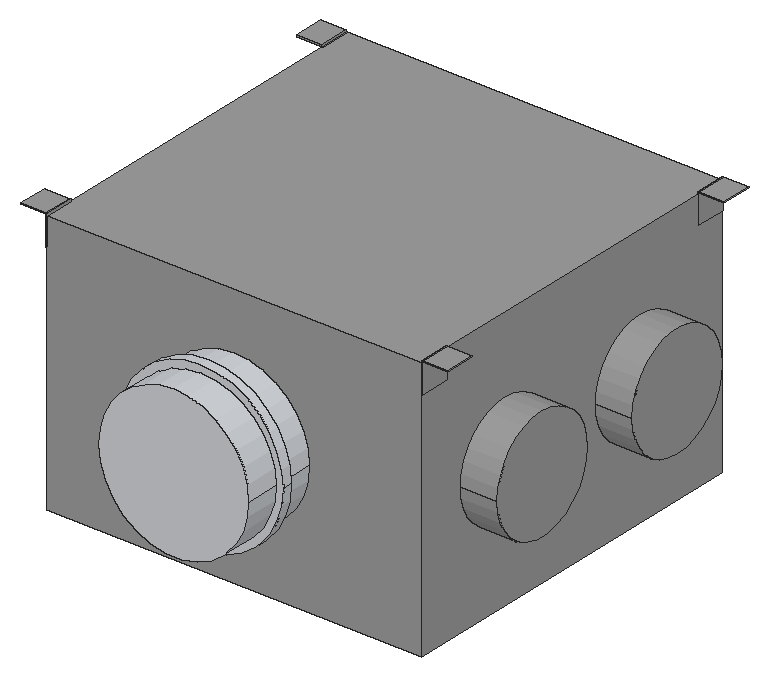
Revit family "FASU(F4-150 200Φ)", category ダクト付属品, Revit 2020
Family settings
  丸型コネクタ寸法 = 直径を使用
  パーツ タイプ = ダンパー
  OmniClass 番号 = 23.75.00.00
  OmniClass タイトル = Climate Control (HVAC)
  作業面ベース = いいえ
  常に垂直 = はい
  ロード時にボイドで切り取り = いいえ
  共有 = いいえ
Parameters
  高さ = 350 mm
  風量 = 0.0 L/s
  符号 = "FASU"
  形式 = "F4-150 200φ"
  幅 [instance] = 500 mm
  奥行き = 500 mm
  大きさ = 200 mm
  呼称 = "FASUチャンバー"
  付属品_下端レベル [instance] = 0 mm
  マテリアル [instance] = 既定値
  ダクト_イン = 200 mm
  ダクト_アウト = 150 mm
  既定の高さ = 0 mm
Reference planes
  plane 1 "中心(正面/背面)": y = 0
  plane 2: z = 0
  plane 3 "中心(左/右)": x = 0
  plane 4: x = -250
  plane 5: x = 250
  plane 6: y = -500
  plane 7: z = 350
  plane 8: z = 175
  plane 9: z = 266.963
  plane 10: z = 86.159
  plane 11: x = -251
  plane 12: z = 313.122
  plane 13: z = 352.122
  plane 14: y = -250
Forms (mm)
  Extrusion 1, solid, material "既定値" <- "マテリアル"
    sketch origin (0, 0, 0) x (1, 0, 0) y (0, 1, 0)
      loop
        line (-250, 0) -> (-250, -500) -> (250, -500) -> (250, 0) -> (-250, 0)
    from 0 to 350
  Extrusion 2, solid, material "既定値" <- "マテリアル"
    sketch origin (0, -30, 0) x (0, 1, 0) y (0, 0, 1)
      loop
        circle (-332.5, 175) r 74.985
    from -300 to -250
  Extrusion 3, solid, material "既定値" <- "マテリアル"
    sketch origin (550, -30, 0) x (0, 1, 0) y (0, 0, 1)
      loop
        circle (-332.5, 175) r 74.985
    from -300 to -250
  Extrusion 4, solid, material "既定値" <- "マテリアル"
    sketch origin (0, -30, 0) x (1, 0, 0) y (0, 1, 0)
      loop
        line (-250, 30) -> (-251, 30) -> (-251, -10) -> (-250, -10) -> (-250, 30)
    from 313.122 to 350
  Extrusion 5, solid, material "既定値" <- "マテリアル"
    sketch origin (0, -30, 0) x (1, 0, 0) y (0, 1, 0)
      loop
        line (-285, 30) -> (-285, -10) -> (-251, -10) -> (-251, 30) -> (-285, 30)
    from 352.122 to 350
  Extrusion 6, solid, material "既定値" <- "マテリアル"
    sketch origin (0, -30, 0) x (-1, 0, 0) y (0, -1, 0)
      loop
        line (-250, -30) -> (-250, 10) -> (-251, 10) -> (-251, -30) -> (-250, -30)
    from 313.122 to 353.122
  Extrusion 7, solid, material "既定値" <- "マテリアル"
    sketch origin (0, -30, 0) x (-1, 0, 0) y (0, -1, 0)
      loop
        line (-285, -30) -> (-251, -30) -> (-251, 10) -> (-285, 10) -> (-285, -30)
    from 352.122 to 353.122
  Extrusion 8, solid, material "既定値" <- "マテリアル"
    sketch origin (0, -490, 0) x (1, 0, 0) y (0, 1, 0)
      loop
        line (-285, 30) -> (-285, -10) -> (-251, -10) -> (-251, 30) -> (-285, 30)
    from 352.122 to 353.122
  Extrusion 9, solid, material "既定値" <- "マテリアル"
    sketch origin (0, -490, 0) x (1, 0, 0) y (0, 1, 0)
      loop
        line (-250, 30) -> (-251, 30) -> (-251, -10) -> (-250, -10) -> (-250, 30)
    from 313.122 to 353.122
  Extrusion 10, solid, material "既定値" <- "マテリアル"
    sketch origin (0, -490, 0) x (-1, 0, 0) y (0, -1, 0)
      loop
        line (-285, -30) -> (-251, -30) -> (-251, 10) -> (-285, 10) -> (-285, -30)
    from 352.122 to 353.122
  Extrusion 11, solid, material "既定値" <- "マテリアル"
    sketch origin (0, -490, 0) x (-1, 0, 0) y (0, -1, 0)
      loop
        line (-250, -30) -> (-250, 10) -> (-251, 10) -> (-251, -30) -> (-250, -30)
    from 313.122 to 353.122
  Extrusion 12, solid, material "既定値" <- "マテリアル"
    sketch origin (550, -470, 0) x (0, -1, 0) y (0, 0, -1)
      loop
        circle (-332.5, -175) r 74.985
    from -300 to -250
  Extrusion 13, solid, material "既定値" <- "マテリアル"
    sketch origin (-550, -470, 0) x (0, -1, 0) y (0, 0, 1)
      loop
        circle (-332.5, 175) r 74.985
    from -300 to -250
  Extrusion 14, solid
    sketch origin (945.05, 0, 42.896) x (1, 0, 0) y (0, 0, 1)
      loop
        circle (-945.05, 132.104) r 100
    from 500 to 542.5
  Extrusion 15, solid
    sketch origin (945.05, -57.5, 42.896) x (1, 0, 0) y (0, 0, 1)
      loop
        circle (-945.05, 132.104) r 100
    from 497.907 to 542.5
  Extrusion 16, solid
    sketch origin (0, 0, 0) x (1, 0, 0) y (0, 0, 1)
      loop
        circle (0, 175) r 110
    from 542.5 to 555.407
Lines and regions (mm)
  model lines
    curve 1: line (-250, -30, 0) -> (250, -30, 0)
    curve 2: line (-250, -470, 0) -> (250, -470, 0)
Text (mm)
  text "FASU(F4-150 200Φ)" at (120.822, -450.782, 0), in view "参照レベル"
Dimensions and locks
  equal spacing: plane 4, plane 3 "中心(左/右)", plane 5
  "幅": plane 4 to plane 5
  "奥行き": plane 6 to plane 1 "中心(正面/背面)"
  "高さ": plane 7 to level
  equal spacing: plane 7, plane 8, level
  equal spacing: plane 6, plane 14, plane 1 "中心(正面/背面)"
  aligned and locked: level to plane 2
  aligned and locked: Extrusion 1 sketch curve to plane 5
  aligned and locked: plane 7 to Extrusion 1
  aligned and locked: plane 4 to Extrusion 2
  aligned and locked: Extrusion 3 to plane 5
  aligned and locked: Extrusion 4 sketch curve to Extrusion 1
  aligned and locked: plane 7 to Extrusion 4
  aligned and locked: Extrusion 5 sketch curve to Extrusion 4
  aligned and locked: Extrusion 4 to Extrusion 5 sketch curve
  aligned and locked: plane 7 to Extrusion 5
  aligned and locked: Extrusion 5 to plane 13
  aligned and locked: Extrusion 6 to Extrusion 7 sketch curve
  aligned and locked: Extrusion 7 sketch curve to Extrusion 6
  aligned and locked: Extrusion 1 to Extrusion 10
  aligned and locked: Extrusion 8 to Extrusion 1
  aligned and locked: Extrusion 9 to Extrusion 1
  aligned and locked: Extrusion 1 to Extrusion 11
  aligned and locked: Extrusion 11 to Extrusion 10
  aligned and locked: Extrusion 9 to Extrusion 8
  aligned and locked: plane 4 to Extrusion 9
  aligned and locked: Extrusion 11 to plane 5
  aligned and locked: plane 4 to curve 1
  aligned and locked: plane 5 to curve 1
  aligned and locked: plane 5 to curve 2
  aligned and locked: plane 4 to curve 2
  aligned and locked: Extrusion 1 to Extrusion 5
  aligned and locked: Extrusion 7 to Extrusion 1
  aligned and locked: Extrusion 6 to plane 5
  aligned and locked: Extrusion 1 to plane 6
  aligned and locked: Extrusion 1 to plane 1 "中心(正面/背面)"
  aligned and locked: Extrusion 12 to plane 5
  aligned and locked: plane 4 to Extrusion 13
  aligned and locked: plane 6 to Extrusion 14
  aligned and locked: Extrusion 14 to Extrusion 16
  aligned and locked: Extrusion 16 to Extrusion 15
Automatic sketch dimensions
  plane 6 to curve 2 = 30 mm
  plane 1 "中心(正面/背面)" to curve 1 = 30 mm
  Extrusion 1 sketch curve to plane 4 = 0 mm
  Extrusion 1 sketch curve to plane 6 = 0 mm
  plane 1 "中心(正面/背面)" to Extrusion 1 sketch curve = 0 mm
  Extrusion 2 sketch curve to plane 8 = 0 mm
  Extrusion 2 sketch curve to plane 14 = 112.5 mm
  Extrusion 3 sketch curve to plane 8 = 0 mm
  Extrusion 3 sketch curve to plane 14 = 112.5 mm
  plane 1 "中心(正面/背面)" to Extrusion 4 sketch curve = 0 mm
  Extrusion 4 sketch curve to plane 11 = 0 mm
  Extrusion 4 sketch curve to Extrusion 4 sketch curve = 40 mm
  plane 1 "中心(正面/背面)" to Extrusion 5 sketch curve = 0 mm
  Extrusion 5 sketch curve to Extrusion 5 sketch curve = 34 mm
  plane 1 "中心(正面/背面)" to Extrusion 6 sketch curve = 0 mm
  Extrusion 6 sketch curve to plane 5 = 0 mm
  Extrusion 6 sketch curve to Extrusion 6 sketch curve = 1 mm
  Extrusion 6 sketch curve to Extrusion 6 sketch curve = 40 mm
  plane 1 "中心(正面/背面)" to Extrusion 7 sketch curve = 0 mm
  Extrusion 7 sketch curve to Extrusion 7 sketch curve = 34 mm
  Extrusion 8 sketch curve to plane 6 = 0 mm
  Extrusion 8 sketch curve to plane 11 = 0 mm
  Extrusion 8 sketch curve to Extrusion 8 sketch curve = 34 mm
  plane 6 to Extrusion 8 sketch curve = 40 mm
  Extrusion 9 sketch curve to plane 11 = 0 mm
  Extrusion 9 sketch curve to plane 4 = 0 mm
  Extrusion 9 sketch curve to plane 6 = 0 mm
  plane 6 to Extrusion 9 sketch curve = 40 mm
  Extrusion 10 sketch curve to plane 6 = 0 mm
  Extrusion 10 sketch curve to plane 5 = 35 mm
  Extrusion 10 sketch curve to plane 5 = 1 mm
  Extrusion 10 sketch curve to plane 6 = 40 mm
  Extrusion 11 sketch curve to plane 6 = 0 mm
  Extrusion 11 sketch curve to plane 5 = 0 mm
  Extrusion 11 sketch curve to Extrusion 11 sketch curve = 1 mm
  Extrusion 11 sketch curve to plane 6 = 40 mm
  Extrusion 12 sketch curve to plane 8 = 0 mm
  plane 14 to Extrusion 12 sketch curve = 112.5 mm
  Extrusion 13 sketch curve to plane 8 = 0 mm
  plane 14 to Extrusion 13 sketch curve = 112.5 mm
  Extrusion 14 sketch curve to plane 3 "中心(左/右)" = 0 mm
  Extrusion 14 sketch curve to plane 8 = 0 mm
  Extrusion 15 sketch curve to plane 3 "中心(左/右)" = 0 mm
  plane 8 to Extrusion 15 sketch curve = 0 mm
  Extrusion 16 sketch curve to plane 3 "中心(左/右)" = 0 mm
  Extrusion 16 sketch curve to plane 8 = 0 mm
  radius of Extrusion 2 sketch curve = 74.985 mm
  radius of Extrusion 3 sketch curve = 74.985 mm
  radius of Extrusion 12 sketch curve = 74.985 mm
  radius of Extrusion 13 sketch curve = 74.985 mm
  radius of Extrusion 14 sketch curve = 100 mm
  radius of Extrusion 15 sketch curve = 100 mm
  radius of Extrusion 16 sketch curve = 110 mm
Connectors
  hvac at (-300, -362.5, 175), driven by "ダクト_アウト"
    settings: on Extrusion 2, index 1, duct flow 0.0 L/s, flow factor 0, pres drop 0.0 Pa, loss coef 0, conn angle 0.00°, conn width 304.8 mm, conn height 304.8 mm, conn diameter 150 mm, duct sys type 29, conn prof type 0, flow config 0, flow direction 2, loss method 0, conn ref index -1, conn util no, is conn primary yes, conn desc ""
  hvac at (-300, -137.5, 175), driven by "ダクト_アウト"
    settings: on Extrusion 13, index 2, duct flow 0.0 L/s, flow factor 0, pres drop 0.0 Pa, loss coef 0, conn angle 0.00°, conn width 304.8 mm, conn height 304.8 mm, conn diameter 150 mm, duct sys type 29, conn prof type 0, flow config 0, flow direction 2, loss method 0, conn ref index -1, conn util no, is conn primary no, conn desc ""
  hvac at (300, -362.5, 175), driven by "ダクト_アウト"
    settings: on Extrusion 3, index 3, duct flow 0.0 L/s, flow factor 0, pres drop 0.0 Pa, loss coef 0, conn angle 0.00°, conn width 304.8 mm, conn height 304.8 mm, conn diameter 150 mm, duct sys type 29, conn prof type 0, flow config 0, flow direction 2, loss method 0, conn ref index -1, conn util no, is conn primary no, conn desc ""
  hvac at (300, -137.5, 175), driven by "ダクト_アウト"
    settings: on Extrusion 12, index 4, duct flow 0.0 L/s, flow factor 0, pres drop 0.0 Pa, loss coef 0, conn angle 0.00°, conn width 304.8 mm, conn height 304.8 mm, conn diameter 150 mm, duct sys type 29, conn prof type 0, flow config 0, flow direction 2, loss method 0, conn ref index -1, conn util no, is conn primary no, conn desc ""
  hvac at (0, -600, 175)
    settings: on Extrusion 15, index 5, duct flow 0.0 L/s, flow factor 0, pres drop 0.0 Pa, loss coef 0, conn angle 0.00°, conn width 304.8 mm, conn height 304.8 mm, conn diameter 200 mm, duct sys type 1, conn prof type 0, flow config 0, flow direction 1, loss method 0, conn ref index -1, conn util no, is conn primary no, conn desc ""
